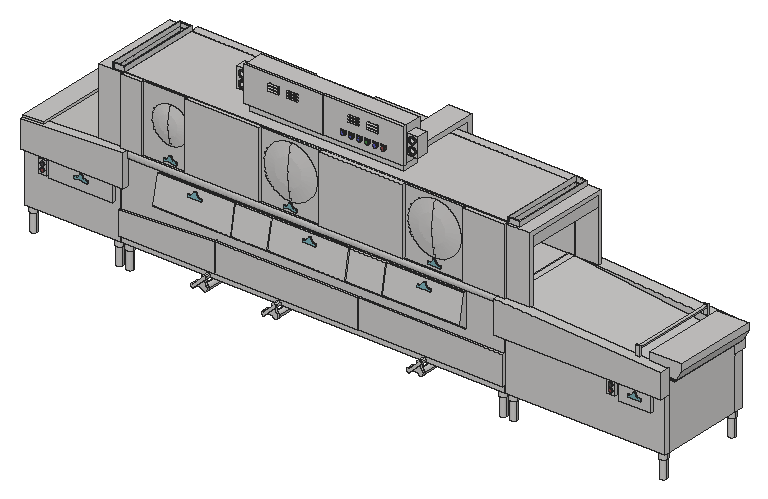
Revit family (continued)
Dimensions and locks (in)
  aligned and locked: plane 21 "Back of Main Body" to Extrusion 8 sketch curve
  aligned and locked: Extrusion 8 sketch curve to plane 33 "Back of Inside"
  aligned and locked: plane 35 to Extrusion 8 sketch curve
  aligned and locked: Extrusion 7 to plane 13 "Middle of Machine"
  aligned and locked: Extrusion 8 to plane 13 "Middle of Machine"
  aligned and locked: plane 32 "Front of Inside" to Extrusion 9 sketch curve
  aligned and locked: Extrusion 9 sketch curve to plane 27
  aligned and locked: plane 26 to Extrusion 9 sketch curve
  aligned and locked: plane 32 "Front of Inside" to Extrusion 10 sketch curve
  aligned and locked: plane 28 to Extrusion 10 sketch curve
  aligned and locked: Extrusion 10 sketch curve to plane 29
  aligned and locked: plane 32 "Front of Inside" to Extrusion 11 sketch curve
  aligned and locked: plane 30 to Extrusion 11 sketch curve
  aligned and locked: Extrusion 11 sketch curve to plane 31
  aligned and locked: Extrusion 9 to plane 13 "Middle of Machine"
  aligned and locked: Extrusion 10 to plane 13 "Middle of Machine"
  aligned and locked: Extrusion 11 to plane 13 "Middle of Machine"
  aligned and locked: plane 34 to Extrusion 12 sketch curve
  aligned and locked: Extrusion 12 sketch curve to plane 35
  aligned and locked: Extrusion 12 sketch curve to plane 33 "Back of Inside"
  aligned and locked: Extrusion 12 to plane 13 "Middle of Machine"
  aligned and locked: plane 40 to Extrusion 20
  aligned and locked: Extrusion 21 to plane 38
  aligned and locked: plane 39 to Extrusion 21
  aligned and locked: Extrusion 22 to plane 41
  aligned and locked: plane 3 "LEFT" to Extrusion 24 sketch curve
  aligned and locked: plane 20 to Extrusion 24 sketch curve
  aligned and locked: Extrusion 24 sketch curve to plane 42
  aligned and locked: Extrusion 25 sketch curve to plane 44
  aligned and locked: Extrusion 25 sketch curve to plane 19
  aligned and locked: plane 43 to Extrusion 25 sketch curve
  aligned and locked: plane 20 to Extrusion 25 sketch curve
  aligned and locked: Extrusion 26 sketch curve to plane 4 "RIGHT"
  aligned and locked: Extrusion 26 sketch curve to plane 19
  aligned and locked: plane 20 to Extrusion 26 sketch curve
  aligned and locked: plane 45 to Extrusion 26 sketch curve
  aligned and locked: plane 33 "Back of Inside" to Extrusion 27 sketch curve
  aligned and locked: plane 3 "LEFT" to Extrusion 27 sketch curve
  aligned and locked: Extrusion 27 sketch curve to plane 32 "Front of Inside"
  aligned and locked: Extrusion 27 sketch curve to plane 4 "RIGHT"
  aligned and locked: Extrusion 27 to plane 46
  aligned and locked: plane 13 "Middle of Machine" to Extrusion 28 sketch curve  (x2)
  aligned and locked: Extrusion 28 sketch curve to plane 10 "Top of Machine"
  aligned and locked: Extrusion 28 to plane 8 "Load Vent"
  aligned and locked: plane 49 to Extrusion 29 sketch curve
  aligned and locked: Extrusion 29 sketch curve to plane 48
  aligned and locked: plane 47 to Extrusion 29
  aligned and locked: Extrusion 30 sketch curve to Extrusion 28
  aligned and locked: Extrusion 30 sketch curve to plane 46
  aligned and locked: Extrusion 31 sketch curve to Extrusion 29
  aligned and locked: Extrusion 29 to Extrusion 31 sketch curve
  aligned and locked: Extrusion 32 to Extrusion 34 sketch curve
  aligned and locked: plane 9 "Unload Vent" to Extrusion 32
  aligned and locked: plane 50 to Extrusion 33 sketch curve
  aligned and locked: Extrusion 33 sketch curve to plane 51
  aligned and locked: plane 47 to Extrusion 33
  aligned and locked: plane 46 to Extrusion 34 sketch curve
  aligned and locked: Extrusion 33 to Extrusion 35 sketch curve
  aligned and locked: Extrusion 35 sketch curve to Extrusion 33
  aligned and locked: plane 15 "Right of Bottom" to Extrusion 2
  aligned and locked: plane 52 to Extrusion 44 sketch curve
  aligned and locked: Extrusion 44 sketch curve to plane 14 "Left of Bottom"
  aligned and locked: plane 52 to Extrusion 45 sketch curve
  aligned and locked: Extrusion 45 sketch curve to plane 14 "Left of Bottom"
  aligned and locked: Extrusion 46 sketch curve to plane 53
  aligned and locked: plane 11 "Table Height" to Extrusion 46 sketch curve
  aligned and locked: plane 52 to Extrusion 46 sketch curve
  aligned and locked: plane 32 "Front of Inside" to Extrusion 46
  aligned and locked: Extrusion 47 sketch curve to plane 54
  aligned and locked: plane 52 to Extrusion 47 sketch curve
  aligned and locked: Extrusion 48 sketch curve to plane 54
  aligned and locked: plane 52 to Extrusion 48 sketch curve
  aligned and locked: plane 52 to Extrusion 49 sketch curve
  aligned and locked: Extrusion 49 sketch curve to plane 14 "Left of Bottom"
  aligned and locked: Extrusion 49 sketch curve to plane 13 "Middle of Machine"
  aligned and locked: Extrusion 49 sketch curve to plane 12 "Bottom of Machine"
  aligned and locked: plane 3 "LEFT" to Extrusion 49 sketch curve
  aligned and locked: plane 52 to Extrusion 50 sketch curve
  aligned and locked: plane 55 to Extrusion 50 sketch curve
  aligned and locked: plane 52 to Extrusion 51 sketch curve
  aligned and locked: plane 12 "Bottom of Machine" to Extrusion 51 sketch curve
  aligned and locked: Extrusion 51 sketch curve to plane 3 "LEFT"
  aligned and locked: plane 22 "Front of Main Body" to Extrusion 51
  aligned and locked: plane 32 "Front of Inside" to Extrusion 49
  aligned and locked: plane 52 to Extrusion 52 sketch curve
  aligned and locked: plane 12 "Bottom of Machine" to Extrusion 52 sketch curve
  aligned and locked: Extrusion 52 sketch curve to plane 3 "LEFT"
  aligned and locked: Extrusion 52 to plane 21 "Back of Main Body"
  aligned and locked: plane 56 to Extrusion 44 sketch curve
  aligned and locked: plane 56 to Extrusion 45 sketch curve
  aligned and locked: Extrusion 51 sketch curve to plane 56
  aligned and locked: Extrusion 52 sketch curve to plane 56
  aligned and locked: Extrusion 53 to plane 22 "Front of Main Body"
  aligned and locked: plane 62 to Extrusion 55 sketch curve
  aligned and locked: Extrusion 55 sketch curve to plane 61
  aligned and locked: Extrusion 53 to plane 59
  aligned and locked: plane 60 to Extrusion 53
  aligned and locked: plane 13 "Middle of Machine" to Extrusion 62 sketch curve
  aligned and locked: Extrusion 62 sketch curve to plane 15 "Right of Bottom"
  aligned and locked: Extrusion 62 sketch curve to plane 56
  aligned and locked: plane 4 "RIGHT" to Extrusion 62 sketch curve
  aligned and locked: plane 12 "Bottom of Machine" to Extrusion 62 sketch curve
  aligned and locked: plane 63 to Extrusion 62 sketch curve
  aligned and locked: plane 63 to Extrusion 61 sketch curve
  aligned and locked: Extrusion 61 sketch curve to plane 64
  aligned and locked: Extrusion 60 sketch curve to plane 65
  aligned and locked: plane 63 to Extrusion 60 sketch curve
  aligned and locked: Extrusion 60 sketch curve to plane 11 "Table Height"
  aligned and locked: Extrusion 58 sketch curve to plane 15 "Right of Bottom"
  aligned and locked: Extrusion 58 sketch curve to plane 56
  aligned and locked: plane 63 to Extrusion 58 sketch curve
  aligned and locked: Extrusion 59 sketch curve to plane 15 "Right of Bottom"
  aligned and locked: Extrusion 59 sketch curve to plane 56
  aligned and locked: plane 63 to Extrusion 59 sketch curve
  aligned and locked: Extrusion 63 sketch curve to plane 4 "RIGHT"
  aligned and locked: plane 56 to Extrusion 63 sketch curve
  aligned and locked: Extrusion 63 sketch curve to plane 12 "Bottom of Machine"
  aligned and locked: plane 63 to Extrusion 63 sketch curve
  aligned and locked: Extrusion 64 sketch curve to plane 4 "RIGHT"
  aligned and locked: plane 56 to Extrusion 64 sketch curve
  aligned and locked: plane 63 to Extrusion 64 sketch curve
  aligned and locked: Extrusion 64 sketch curve to plane 12 "Bottom of Machine"
  aligned and locked: plane 13 "Middle of Machine" to Extrusion 65 sketch curve
  aligned and locked: Extrusion 65 sketch curve to plane 67
  aligned and locked: Extrusion 65 sketch curve to plane 66
  aligned and locked: plane 32 "Front of Inside" to Extrusion 65
  aligned and locked: plane 32 "Front of Inside" to Extrusion 68
  aligned and locked: Extrusion 69 sketch curve to plane 57
  aligned and locked: plane 58 to Extrusion 69 sketch curve
  aligned and locked: plane 70 to Extrusion 69 sketch curve
  aligned and locked: Extrusion 69 sketch curve to plane 69
  aligned and locked: plane 72 to Extrusion 71 sketch curve
  aligned and locked: Extrusion 71 sketch curve to plane 71
  aligned and locked: Extrusion 71 sketch curve to plane 57
  aligned and locked: Extrusion 75 to Extrusion 74
  aligned and locked: plane 12 "Bottom of Machine" to Extrusion 75
  aligned and locked: Extrusion 77 to Extrusion 76
  aligned and locked: Extrusion 79 to Extrusion 78
  aligned and locked: Extrusion 81 to Extrusion 80
  aligned and locked: Extrusion 82 to Extrusion 83
  aligned and locked: Extrusion 84 to Extrusion 85
  aligned and locked: Extrusion 87 to Extrusion 86
  aligned and locked: Extrusion 89 to Extrusion 88
  aligned and locked: Extrusion 90 to Extrusion 91
  aligned and locked: Extrusion 92 to Extrusion 93
  aligned and locked: Extrusion 95 to Extrusion 94
  aligned and locked: Extrusion 97 to Extrusion 96
  aligned and locked: plane 74 to Extrusion 98 sketch curve
  aligned and locked: Extrusion 98 sketch curve to plane 73
  aligned and locked: Extrusion 98 sketch curve to plane 76
  aligned and locked: plane 75 to Extrusion 98 sketch curve
  aligned and locked: plane 88 "Back of Elec Box" to Extrusion 99 sketch curve
  aligned and locked: Extrusion 99 sketch curve to plane 89
  aligned and locked: plane 93 to Extrusion 99 sketch curve
  aligned and locked: Extrusion 99 sketch curve to plane 94 "Right of Control Box"
  aligned and locked: Extrusion 99 to plane 77
  aligned and locked: plane 92 to Extrusion 99
  aligned and locked: plane 84 to Extrusion 100 sketch curve
  aligned and locked: Extrusion 100 sketch curve to plane 90 "Front of Panel"
  aligned and locked: Extrusion 100 sketch curve to plane 82
  aligned and locked: plane 83 to Extrusion 101 sketch curve
  aligned and locked: Extrusion 101 sketch curve to plane 90 "Front of Panel"
  aligned and locked: plane 89 to Extrusion 101 sketch curve
  aligned and locked: Extrusion 101 sketch curve to plane 85
  aligned and locked: Extrusion 101 to plane 91
  aligned and locked: Extrusion 100 to plane 91
  aligned and locked: plane 80 to Extrusion 100
  aligned and locked: plane 80 to Extrusion 101
  aligned and locked: plane 96 to Extrusion 102 sketch curve
  aligned and locked: Extrusion 102 sketch curve to plane 93
  aligned and locked: Extrusion 102 sketch curve to plane 95 "Front of LR Panels"
  aligned and locked: plane 87 to Extrusion 102 sketch curve
  aligned and locked: plane 94 "Right of Control Box" to Extrusion 103 sketch curve
  aligned and locked: Extrusion 103 sketch curve to plane 95 "Front of LR Panels"
  aligned and locked: Extrusion 103 sketch curve to plane 86
  aligned and locked: plane 96 to Extrusion 103 sketch curve
  aligned and locked: plane 79 to Extrusion 102
  aligned and locked: plane 79 to Extrusion 103
  aligned and locked: Extrusion 102 to plane 78
  aligned and locked: Extrusion 103 to plane 78
  aligned and locked: Extrusion 105 sketch curve to Extrusion 104  (x2)
  aligned and locked: Extrusion 113 sketch curve to Extrusion 112  (x2)
  aligned and locked: Extrusion 115 sketch curve to Extrusion 114  (x2)
  aligned and locked: Extrusion 117 sketch curve to Extrusion 116  (x2)
  aligned and locked: Extrusion 132 to plane 98 "Left Drain"
  aligned and locked: plane 99 "Right Drain" to Extrusion 132
  aligned and locked: Extrusion 133 sketch curve to Extrusion 132  (x2)
  aligned and locked: Extrusion 134 sketch curve to Extrusion 132  (x2)
  aligned and locked: plane 51 to nested 1
  aligned and locked: plane 33 "Back of Inside" to nested 1
  aligned and locked: Extrusion 148 sketch curve to Extrusion 147  (x2)
  aligned and locked: Extrusion 156 sketch curve to Extrusion 155  (x2)
  aligned and locked: Extrusion 158 sketch curve to Extrusion 157  (x2)
  aligned and locked: Extrusion 160 sketch curve to Extrusion 159  (x2)
  aligned and locked: plane 106 to Extrusion 184 sketch curve
  aligned and locked: Extrusion 184 sketch curve to plane 107
  aligned and locked: Extrusion 184 sketch curve to plane 22 "Front of Main Body"
  aligned and locked: plane 109 to Extrusion 185 sketch curve
  aligned and locked: Extrusion 185 sketch curve to plane 110
  aligned and locked: Extrusion 185 sketch curve to plane 22 "Front of Main Body"
  aligned and locked: plane 111 to Extrusion 186 sketch curve
  aligned and locked: Extrusion 186 sketch curve to plane 112
  aligned and locked: Extrusion 186 sketch curve to plane 22 "Front of Main Body"
  aligned and locked: plane 115 to Extrusion 187 sketch curve
  aligned and locked: Extrusion 187 sketch curve to plane 116
  aligned and locked: Extrusion 187 sketch curve to plane 22 "Front of Main Body"
  aligned and locked: plane 117 to Extrusion 188 sketch curve
  aligned and locked: Extrusion 188 sketch curve to plane 118
  aligned and locked: Extrusion 188 sketch curve to plane 22 "Front of Main Body"
  aligned and locked: Extrusion 184 to plane 13 "Middle of Machine"
  aligned and locked: Extrusion 185 to plane 13 "Middle of Machine"
  aligned and locked: Extrusion 186 to plane 13 "Middle of Machine"
  aligned and locked: Extrusion 187 to plane 13 "Middle of Machine"
  aligned and locked: Extrusion 188 to plane 13 "Middle of Machine"
  aligned and locked: plane 26 to curve 87
  aligned and locked: curve 89 to plane 28
  aligned and locked: curve 97 to plane 29
  aligned and locked: plane 30 to curve 105
  aligned and locked: plane 31 to curve 107
  aligned and locked: plane 26 to Extrusion 204 sketch curve
  aligned and locked: Extrusion 204 sketch curve to plane 27
  aligned and locked: Extrusion 204 sketch curve to plane 22 "Front of Main Body"
  aligned and locked: plane 28 to Extrusion 205 sketch curve
  aligned and locked: Extrusion 205 sketch curve to plane 29
  aligned and locked: Extrusion 205 sketch curve to plane 22 "Front of Main Body"
  aligned and locked: Extrusion 206 sketch curve to plane 22 "Front of Main Body"
  aligned and locked: plane 30 to Extrusion 206 sketch curve
  aligned and locked: Extrusion 206 sketch curve to plane 31
  aligned and locked: Extrusion 19 to plane 36
  aligned and locked: plane 37 to Extrusion 19
  aligned and locked: Extrusion 20 to plane 123
  aligned and locked: plane 123 to curve 46
  aligned and locked: plane 126 to Extrusion 23
  aligned and locked: plane 124 to curve 37
  aligned and locked: curve 38 to plane 125
  aligned and locked: curve 35 to plane 126
Automatic sketch dimensions
  Extrusion 19 sketch curve to Extrusion 19 sketch curve = 0' - 1"
  Extrusion 20 sketch curve to Extrusion 20 sketch curve = 0' - 1"
  Extrusion 21 sketch curve to Extrusion 21 sketch curve = 0' - 1"
  Extrusion 22 sketch curve to Extrusion 22 sketch curve = 0' - 1"
  Extrusion 23 sketch curve to Extrusion 23 sketch curve = 0' - 1"
  Extrusion 19 sketch curve to Extrusion 19 sketch curve = 0' - 2"
  Extrusion 19 sketch curve to Extrusion 19 sketch curve = 0' - 2 5/16"
  Extrusion 19 sketch curve to Extrusion 19 sketch curve = 0' - 10 1/4"
  Extrusion 20 sketch curve to Extrusion 20 sketch curve = 0' - 2"
  Extrusion 20 sketch curve to Extrusion 20 sketch curve = 0' - 2 5/16"
  Extrusion 20 sketch curve to Extrusion 20 sketch curve = 0' - 10 1/4"
  Extrusion 21 sketch curve to Extrusion 21 sketch curve = 0' - 2"
  Extrusion 21 sketch curve to Extrusion 21 sketch curve = 0' - 2 5/16"
  Extrusion 21 sketch curve to Extrusion 21 sketch curve = 0' - 10 1/4"
  Extrusion 22 sketch curve to Extrusion 22 sketch curve = 0' - 2"
  Extrusion 22 sketch curve to Extrusion 22 sketch curve = 0' - 2 5/16"
  Extrusion 22 sketch curve to Extrusion 22 sketch curve = 0' - 10 1/4"
  Extrusion 23 sketch curve to Extrusion 23 sketch curve = 0' - 2"
  Extrusion 23 sketch curve to Extrusion 23 sketch curve = 0' - 2 5/16"
  Extrusion 23 sketch curve to Extrusion 23 sketch curve = 0' - 10 1/4"
  Extrusion 38 sketch curve to Extrusion 38 sketch curve = 0' - 1"
  Extrusion 39 sketch curve to Extrusion 39 sketch curve = 0' - 1"
  Extrusion 40 sketch curve to Extrusion 40 sketch curve = 0' - 1"
  Extrusion 41 sketch curve to Extrusion 41 sketch curve = 0' - 1"
  Extrusion 42 sketch curve to Extrusion 42 sketch curve = 0' - 1"
  Extrusion 38 sketch curve to Extrusion 38 sketch curve = 0' - 2"
  Extrusion 38 sketch curve to Extrusion 38 sketch curve = 0' - 2 5/16"
  Extrusion 38 sketch curve to Extrusion 38 sketch curve = 0' - 10 1/4"
  Extrusion 39 sketch curve to Extrusion 39 sketch curve = 0' - 2"
  Extrusion 39 sketch curve to Extrusion 39 sketch curve = 0' - 2 5/16"
  Extrusion 39 sketch curve to Extrusion 39 sketch curve = 0' - 10 1/4"
  Extrusion 40 sketch curve to Extrusion 40 sketch curve = 0' - 2"
  Extrusion 40 sketch curve to Extrusion 40 sketch curve = 0' - 2 5/16"
  Extrusion 40 sketch curve to Extrusion 40 sketch curve = 0' - 10 1/4"
  Extrusion 41 sketch curve to Extrusion 41 sketch curve = 0' - 2"
  Extrusion 41 sketch curve to Extrusion 41 sketch curve = 0' - 2 5/16"
  Extrusion 41 sketch curve to Extrusion 41 sketch curve = 0' - 10 1/4"
  Extrusion 42 sketch curve to Extrusion 42 sketch curve = 0' - 2"
  Extrusion 42 sketch curve to Extrusion 42 sketch curve = 0' - 2 5/16"
  Extrusion 42 sketch curve to Extrusion 42 sketch curve = 0' - 10 1/4"
  Extrusion 104 sketch curve to Extrusion 104 sketch curve = 0' - 0"  (x4)
  Extrusion 106 sketch curve to Extrusion 106 sketch curve = 0' - 1"  (x5)
  Extrusion 106 sketch curve to Extrusion 106 sketch curve = 0' - 2"  (x6)
  Extrusion 106 sketch curve to Extrusion 106 sketch curve = 0' - 0"  (x5)
  Extrusion 106 sketch curve to Extrusion 106 sketch curve = 0' - 0 1/4"  (x6)
  Extrusion 111 sketch curve to Extrusion 111 sketch curve = 0' - 1 1/2"  (x5)
  Extrusion 111 sketch curve to Extrusion 111 sketch curve = 0' - 0 3/4"  (x6)
  Extrusion 111 sketch curve to Extrusion 111 sketch curve = 0' - 0 7/8"  (x6)
  Extrusion 112 sketch curve to Extrusion 112 sketch curve = 0' - 0"  (x4)
  Extrusion 114 sketch curve to Extrusion 114 sketch curve = 0' - 0"  (x4)
  Extrusion 116 sketch curve to Extrusion 116 sketch curve = 0' - 0"  (x4)
  Extrusion 120 sketch curve to Extrusion 120 sketch curve = 0' - 0 5/8"
  Extrusion 121 sketch curve to Extrusion 121 sketch curve = 0' - 0 5/8"
  Extrusion 122 sketch curve to Extrusion 122 sketch curve = 0' - 0 5/8"
  Extrusion 123 sketch curve to Extrusion 123 sketch curve = 0' - 0 5/8"
  Extrusion 124 sketch curve to Extrusion 124 sketch curve = 0' - 0 5/8"
  Extrusion 125 sketch curve to Extrusion 125 sketch curve = 0' - 0 5/8"
  Extrusion 126 sketch curve to Extrusion 126 sketch curve = 0' - 0 5/8"
  Extrusion 127 sketch curve to Extrusion 127 sketch curve = 0' - 0 5/8"
  Extrusion 128 sketch curve to Extrusion 128 sketch curve = 0' - 0 5/8"
  Extrusion 129 sketch curve to Extrusion 129 sketch curve = 0' - 0 5/8"
  Extrusion 130 sketch curve to Extrusion 130 sketch curve = 0' - 0 5/8"
  Extrusion 131 sketch curve to Extrusion 131 sketch curve = 0' - 0 5/8"
  Extrusion 138 sketch curve to Extrusion 138 sketch curve = 0' - 0"  (x4)
  Extrusion 139 sketch curve to Extrusion 139 sketch curve = 0' - 0"  (x4)
  Extrusion 140 sketch curve to Extrusion 140 sketch curve = 0' - 1 5/8"  (x2)
  Extrusion 140 sketch curve to Extrusion 140 sketch curve = 0' - 1 1/8"
  Extrusion 141 sketch curve to Extrusion 141 sketch curve = 0' - 0 1/2"  (x7)
  Extrusion 141 sketch curve to Extrusion 141 sketch curve = 0' - 0 1/4"  (x4)
  Extrusion 141 sketch curve to Extrusion 141 sketch curve = 0' - 4 1/2"
  Extrusion 142 sketch curve to Extrusion 142 sketch curve = 0' - 1 5/8"  (x2)
  Extrusion 142 sketch curve to Extrusion 142 sketch curve = 0' - 1 1/8"
  Extrusion 143 sketch curve to Extrusion 143 sketch curve = 0' - 0"  (x4)
  Extrusion 144 sketch curve to Extrusion 144 sketch curve = 0' - 0 1/2"  (x7)
  Extrusion 144 sketch curve to Extrusion 144 sketch curve = 0' - 0 1/4"  (x4)
  Extrusion 144 sketch curve to Extrusion 144 sketch curve = 0' - 4 1/2"
  Extrusion 145 sketch curve to Extrusion 145 sketch curve = 0' - 1 5/8"  (x2)
  Extrusion 145 sketch curve to Extrusion 145 sketch curve = 0' - 1 1/8"
  Extrusion 146 sketch curve to Extrusion 146 sketch curve = 0' - 0 1/2"  (x9)
  Extrusion 146 sketch curve to Extrusion 146 sketch curve = 0' - 0 1/4"  (x2)
  Extrusion 146 sketch curve to Extrusion 146 sketch curve = 0' - 4 1/2"
  Extrusion 111 sketch curve to Extrusion 111 sketch curve = 0' - 0"  (x5)
  Extrusion 120 sketch curve to Extrusion 120 sketch curve = 0' - 2 3/4"
  Extrusion 121 sketch curve to Extrusion 121 sketch curve = 0' - 2 3/4"
  Extrusion 122 sketch curve to Extrusion 122 sketch curve = 0' - 2 3/4"
  Extrusion 123 sketch curve to Extrusion 123 sketch curve = 0' - 2 3/4"
  Extrusion 124 sketch curve to Extrusion 124 sketch curve = 0' - 2 3/4"
  Extrusion 125 sketch curve to Extrusion 125 sketch curve = 0' - 2 3/4"
  Extrusion 126 sketch curve to Extrusion 126 sketch curve = 0' - 2 3/4"
  Extrusion 127 sketch curve to Extrusion 127 sketch curve = 0' - 2 3/4"
  Extrusion 128 sketch curve to Extrusion 128 sketch curve = 0' - 2 3/4"
  Extrusion 129 sketch curve to Extrusion 129 sketch curve = 0' - 2 3/4"
  Extrusion 130 sketch curve to Extrusion 130 sketch curve = 0' - 2 3/4"
  Extrusion 131 sketch curve to Extrusion 131 sketch curve = 0' - 2 3/4"
  Extrusion 147 sketch curve to Extrusion 147 sketch curve = 0' - 0"  (x4)
  Extrusion 149 sketch curve to Extrusion 149 sketch curve = 0' - 1"  (x5)
  Extrusion 149 sketch curve to Extrusion 149 sketch curve = 0' - 2"  (x6)
  Extrusion 149 sketch curve to Extrusion 149 sketch curve = 0' - 0"  (x5)
  Extrusion 149 sketch curve to Extrusion 149 sketch curve = 0' - 0 1/4"  (x6)
  Extrusion 154 sketch curve to Extrusion 154 sketch curve = 0' - 1 1/2"  (x5)
  Extrusion 154 sketch curve to Extrusion 154 sketch curve = 0' - 0 3/4"  (x6)
  Extrusion 154 sketch curve to Extrusion 154 sketch curve = 0' - 0 7/8"  (x6)
  Extrusion 155 sketch curve to Extrusion 155 sketch curve = 0' - 0"  (x4)
  Extrusion 157 sketch curve to Extrusion 157 sketch curve = 0' - 0"  (x4)
  Extrusion 159 sketch curve to Extrusion 159 sketch curve = 0' - 0"  (x4)
  Extrusion 163 sketch curve to Extrusion 163 sketch curve = 0' - 0 5/8"
  Extrusion 164 sketch curve to Extrusion 164 sketch curve = 0' - 0 5/8"
  Extrusion 165 sketch curve to Extrusion 165 sketch curve = 0' - 0 5/8"
  Extrusion 166 sketch curve to Extrusion 166 sketch curve = 0' - 0 5/8"
  Extrusion 167 sketch curve to Extrusion 167 sketch curve = 0' - 0 5/8"
  Extrusion 168 sketch curve to Extrusion 168 sketch curve = 0' - 0 5/8"
  Extrusion 169 sketch curve to Extrusion 169 sketch curve = 0' - 0 5/8"
  Extrusion 170 sketch curve to Extrusion 170 sketch curve = 0' - 0 5/8"
  Extrusion 171 sketch curve to Extrusion 171 sketch curve = 0' - 0 5/8"
  Extrusion 172 sketch curve to Extrusion 172 sketch curve = 0' - 0 5/8"
  Extrusion 173 sketch curve to Extrusion 173 sketch curve = 0' - 0 5/8"
  Extrusion 174 sketch curve to Extrusion 174 sketch curve = 0' - 0 5/8"
  Extrusion 154 sketch curve to Extrusion 154 sketch curve = 0' - 0"  (x5)
  Extrusion 163 sketch curve to Extrusion 163 sketch curve = 0' - 2 3/4"
  Extrusion 164 sketch curve to Extrusion 164 sketch curve = 0' - 2 3/4"
  Extrusion 165 sketch curve to Extrusion 165 sketch curve = 0' - 2 3/4"
  Extrusion 166 sketch curve to Extrusion 166 sketch curve = 0' - 2 3/4"
  Extrusion 167 sketch curve to Extrusion 167 sketch curve = 0' - 2 3/4"
  Extrusion 168 sketch curve to Extrusion 168 sketch curve = 0' - 2 3/4"
  Extrusion 169 sketch curve to Extrusion 169 sketch curve = 0' - 2 3/4"
  Extrusion 170 sketch curve to Extrusion 170 sketch curve = 0' - 2 3/4"
  Extrusion 171 sketch curve to Extrusion 171 sketch curve = 0' - 2 3/4"
  Extrusion 172 sketch curve to Extrusion 172 sketch curve = 0' - 2 3/4"
  Extrusion 173 sketch curve to Extrusion 173 sketch curve = 0' - 2 3/4"
  Extrusion 174 sketch curve to Extrusion 174 sketch curve = 0' - 2 3/4"
  Extrusion 140 sketch curve to Extrusion 140 sketch curve = 0' - 0.12054"
  Extrusion 142 sketch curve to Extrusion 142 sketch curve = 0' - 0.12054"
  Extrusion 145 sketch curve to Extrusion 145 sketch curve = 0' - 0.12054"
  Extrusion 175 sketch curve to Extrusion 175 sketch curve = 0' - 0"  (x4)
  Extrusion 176 sketch curve to Extrusion 176 sketch curve = 0' - 0"  (x4)
  Extrusion 177 sketch curve to Extrusion 177 sketch curve = 0' - 1 5/8"  (x2)
  Extrusion 177 sketch curve to Extrusion 177 sketch curve = 0' - 1 1/8"
  Extrusion 178 sketch curve to Extrusion 178 sketch curve = 0' - 0 1/2"  (x7)
  Extrusion 178 sketch curve to Extrusion 178 sketch curve = 0' - 0 1/4"  (x4)
  Extrusion 178 sketch curve to Extrusion 178 sketch curve = 0' - 4 1/2"
  Extrusion 179 sketch curve to Extrusion 179 sketch curve = 0' - 1 5/8"  (x2)
  Extrusion 179 sketch curve to Extrusion 179 sketch curve = 0' - 1 1/8"
  Extrusion 180 sketch curve to Extrusion 180 sketch curve = 0' - 0"  (x4)
  Extrusion 181 sketch curve to Extrusion 181 sketch curve = 0' - 0 1/2"  (x7)
  Extrusion 181 sketch curve to Extrusion 181 sketch curve = 0' - 0 1/4"  (x4)
  Extrusion 181 sketch curve to Extrusion 181 sketch curve = 0' - 4 1/2"
  Extrusion 182 sketch curve to Extrusion 182 sketch curve = 0' - 1 5/8"  (x2)
  Extrusion 182 sketch curve to Extrusion 182 sketch curve = 0' - 1 1/8"
  Extrusion 183 sketch curve to Extrusion 183 sketch curve = 0' - 0 1/2"  (x9)
  Extrusion 183 sketch curve to Extrusion 183 sketch curve = 0' - 0 1/4"  (x2)
  Extrusion 183 sketch curve to Extrusion 183 sketch curve = 0' - 4 1/2"
  Extrusion 177 sketch curve to Extrusion 177 sketch curve = 0' - 0.12054"
  Extrusion 179 sketch curve to Extrusion 179 sketch curve = 0' - 0.12054"
  Extrusion 182 sketch curve to Extrusion 182 sketch curve = 0' - 0.12054"
  Extrusion 37 sketch curve to Extrusion 37 sketch curve = 0' - 0.25142"  (x5)
  Extrusion 37 sketch curve to Extrusion 37 sketch curve = 0' - 0.25483"  (x4)
  Extrusion 37 sketch curve to Extrusion 37 sketch curve = 0' - 0.30345"  (x3)
  Extrusion 37 sketch curve to Extrusion 37 sketch curve = 0' - 1.63184"  (x6)
  Extrusion 37 sketch curve to Extrusion 37 sketch curve = 0' - 1.52338"  (x3)
  Extrusion 37 sketch curve to Extrusion 37 sketch curve = 0' - 0.41934"  (x3)
  Extrusion 37 sketch curve to Extrusion 37 sketch curve = 0' - 0.42496"  (x3)
  Extrusion 37 sketch curve to Extrusion 37 sketch curve = 0' - 0"  (x8)
  Extrusion 37 sketch curve to Extrusion 37 sketch curve = 0' - 1.22253"  (x3)
  Extrusion 37 sketch curve to Extrusion 37 sketch curve = 0' - 1.51845"  (x3)
  Extrusion 37 sketch curve to Extrusion 37 sketch curve = 0' - 0.00341"  (x3)
  Extrusion 37 sketch curve to Extrusion 37 sketch curve = 3' - 2.01495"
  Extrusion 37 sketch curve to Extrusion 37 sketch curve = 0' - 0.61126"  (x3)
  Extrusion 37 sketch curve to Extrusion 37 sketch curve = 3' - 1.99333"
  Extrusion 37 sketch curve to Extrusion 37 sketch curve = 0' - 11.90119"  (x3)
  Extrusion 37 sketch curve to Extrusion 37 sketch curve = 0' - 0.08323"  (x3)
  Extrusion 37 sketch curve to Extrusion 37 sketch curve = 0' - 0.48493"  (x6)
  Extrusion 37 sketch curve to Extrusion 37 sketch curve = 0' - 1.96861"  (x3)
  Extrusion 43 sketch curve to Extrusion 43 sketch curve = 0' - 0.25142"  (x5)
  Extrusion 43 sketch curve to Extrusion 43 sketch curve = 0' - 0.25483"  (x4)
  Extrusion 43 sketch curve to Extrusion 43 sketch curve = 0' - 0.30345"  (x3)
  Extrusion 43 sketch curve to Extrusion 43 sketch curve = 0' - 1.63184"  (x6)
  Extrusion 43 sketch curve to Extrusion 43 sketch curve = 0' - 1.52338"  (x3)
  Extrusion 43 sketch curve to Extrusion 43 sketch curve = 0' - 0.41934"  (x3)
  Extrusion 43 sketch curve to Extrusion 43 sketch curve = 0' - 0.42496"  (x3)
  Extrusion 43 sketch curve to Extrusion 43 sketch curve = 0' - 0"  (x8)
  Extrusion 43 sketch curve to Extrusion 43 sketch curve = 0' - 1.22253"  (x3)
  Extrusion 43 sketch curve to Extrusion 43 sketch curve = 0' - 1.51845"  (x3)
  Extrusion 43 sketch curve to Extrusion 43 sketch curve = 0' - 0.00341"  (x3)
  Extrusion 43 sketch curve to Extrusion 43 sketch curve = 3' - 2.01495"
  Extrusion 43 sketch curve to Extrusion 43 sketch curve = 0' - 0.61126"  (x3)
  Extrusion 43 sketch curve to Extrusion 43 sketch curve = 3' - 1.99333"
  Extrusion 43 sketch curve to Extrusion 43 sketch curve = 0' - 11.90119"  (x3)
  Extrusion 43 sketch curve to Extrusion 43 sketch curve = 0' - 0.08323"  (x3)
  Extrusion 43 sketch curve to Extrusion 43 sketch curve = 0' - 0.48493"  (x6)
  Extrusion 43 sketch curve to Extrusion 43 sketch curve = 0' - 1.96861"  (x3)
  Extrusion 1 sketch curve to plane 56 = 0' - 0"  (x2)
  Extrusion 2 sketch curve to plane 22 "Front of Main Body" = 0' - 0"  (x2)
  plane 32 "Front of Inside" to Extrusion 2 sketch curve = 0' - 0.18875"
  Extrusion 9 sketch curve to plane 22 "Front of Main Body" = 0' - 0 3/4"
  Extrusion 10 sketch curve to plane 22 "Front of Main Body" = 0' - 0 3/4"
  Extrusion 11 sketch curve to plane 22 "Front of Main Body" = 0' - 0 3/4"
  plane 21 "Back of Main Body" to Extrusion 12 sketch curve = 0' - 1"
  plane 5 "FRONT" to Revolve 13 sketch curve = 0' - 8"
  plane 22 "Front of Main Body" to Revolve 13 sketch curve = 0' - 0 1/4"
  Revolve 13 sketch curve to plane 22 "Front of Main Body" = 0' - 0 3/4"
  plane 96 to Revolve 13 sketch curve = 0' - 1 1/4"
  Revolve 13 sketch curve to plane 1 "BACK" = 0' - 8.74935"
  Revolve 13 sketch curve to plane 46 = 0' - 5.75174"  (x2)
  Revolve 13 sketch curve to plane 46 = 0' - 5.50167"
  plane 5 "FRONT" to Revolve 14 sketch curve = 0' - 8"
  plane 22 "Front of Main Body" to Revolve 14 sketch curve = 0' - 0 1/4"
  Revolve 14 sketch curve to plane 22 "Front of Main Body" = 0' - 0 3/4"
  plane 96 to Revolve 14 sketch curve = 0' - 1 1/4"
  Revolve 14 sketch curve to plane 1 "BACK" = 0' - 8.74935"
  Revolve 14 sketch curve to plane 46 = 0' - 5.75174"  (x2)
  Revolve 14 sketch curve to plane 46 = 0' - 5.50167"
  Extrusion 15 sketch curve to plane 25 = 0' - 0"
  plane 25 to Extrusion 15 sketch curve = 0' - 0.00035"
  plane 117 to Extrusion 15 sketch curve = 0' - 0.35719"
  plane 117 to Extrusion 15 sketch curve = 0' - 0.54876"
  plane 119 to Extrusion 15 sketch curve = 0' - 0.50556"
  plane 119 to Extrusion 15 sketch curve = 0' - 0.8056"
  Extrusion 15 sketch curve to Extrusion 15 sketch curve = 0' - 0.00341"  (x2)
  Extrusion 15 sketch curve to Extrusion 15 sketch curve = 0' - 0.25142"  (x2)
  Extrusion 15 sketch curve to plane 116 = 0' - 0.36211"
  Extrusion 15 sketch curve to Extrusion 15 sketch curve = 0' - 0"
  Extrusion 15 sketch curve to plane 116 = 0' - 0.54876"
  Extrusion 15 sketch curve to plane 120 = 0' - 0.50556"
  Extrusion 15 sketch curve to plane 120 = 0' - 0.8056"
  plane 56 to Extrusion 15 sketch curve = 0' - 1.17016"
  plane 13 "Middle of Machine" to Extrusion 15 sketch curve = 0' - 0.94635"  (x2)
  plane 13 "Middle of Machine" to Extrusion 15 sketch curve = 0' - 1.02958"
  Extrusion 15 sketch curve to Extrusion 15 sketch curve = 0' - 0.48493"  (x2)
  Extrusion 15 sketch curve to Extrusion 15 sketch curve = 0' - 1.96861"
  Extrusion 16 sketch curve to plane 23 = 0' - 0"
  plane 23 to Extrusion 16 sketch curve = 0' - 0.00035"
  plane 23 to Extrusion 16 sketch curve = 0' - 0.41969"
  plane 23 to Extrusion 16 sketch curve = 0' - 0.61126"
  Extrusion 16 sketch curve to Extrusion 16 sketch curve = 0' - 1.52338"
  plane 13 "Middle of Machine" to Extrusion 16 sketch curve = 0' - 0.94635"  (x2)
  Extrusion 16 sketch curve to Extrusion 16 sketch curve = 0' - 1.63184"
  Extrusion 16 sketch curve to Extrusion 16 sketch curve = 0' - 0.00341"  (x2)
  Extrusion 16 sketch curve to Extrusion 16 sketch curve = 0' - 0.25142"  (x2)
  Extrusion 16 sketch curve to plane 23 = 0' - 0.42461"
  Extrusion 16 sketch curve to Extrusion 16 sketch curve = 0' - 0"
  Extrusion 16 sketch curve to plane 23 = 0' - 0.61126"
  plane 36 to Extrusion 16 sketch curve = 0' - 1.55694"
  plane 36 to Extrusion 16 sketch curve = 0' - 1.2569"
  plane 56 to Extrusion 16 sketch curve = 0' - 1.17016"
  plane 13 "Middle of Machine" to Extrusion 16 sketch curve = 0' - 1.02958"
  Extrusion 16 sketch curve to Extrusion 16 sketch curve = 0' - 0.48493"  (x2)
  Extrusion 16 sketch curve to Extrusion 16 sketch curve = 0' - 1.96861"
  plane 5 "FRONT" to Revolve 17 sketch curve = 0' - 8"
  plane 22 "Front of Main Body" to Revolve 17 sketch curve = 0' - 0 1/4"
  Revolve 17 sketch curve to plane 22 "Front of Main Body" = 0' - 0 3/4"
  plane 96 to Revolve 17 sketch curve = 0' - 1 1/4"
  Revolve 17 sketch curve to plane 103 "Utility to Machine" = 0' - 3.49961"
  Revolve 17 sketch curve to plane 46 = 0' - 5.96392"
  Revolve 17 sketch curve to plane 46 = 0' - 5.82112"  (x2)
  Revolve 18 sketch curve to plane 21 "Back of Main Body" = 0' - 0"
  Revolve 18 sketch curve to plane 1 "BACK" = 0' - 7 3/4"
  Revolve 18 sketch curve to Revolve 18 sketch curve = 0' - 1"
  Revolve 18 sketch curve to plane 103 "Utility to Machine" = 0' - 4"
  plane 5 "FRONT" to Revolve 18 sketch curve = 0' - 8.99935"
  Revolve 18 sketch curve to plane 10 "Top of Machine" = 0' - 1.00174"
  Revolve 18 sketch curve to Revolve 18 sketch curve = 0' - 9.74993"
  Revolve 18 sketch curve to plane 46 = 0' - 5.75174"
  Extrusion 24 sketch curve to plane 19 = 0' - 0"
  Extrusion 24 sketch curve to plane 58 = 0' - 1 5/8"
  Extrusion 28 sketch curve to plane 32 "Front of Inside" = 0' - 0"
  Extrusion 28 sketch curve to plane 33 "Back of Inside" = 0' - 0"
  Extrusion 28 sketch curve to plane 22 "Front of Main Body" = 0' - 0 3/4"
  Extrusion 28 sketch curve to Extrusion 28 sketch curve = 0' - 1"
  Extrusion 28 sketch curve to plane 10 "Top of Machine" = 0' - 1 3/8"
  Extrusion 29 sketch curve to plane 3 "LEFT" = 0' - 0"
  plane 32 "Front of Inside" to Extrusion 29 sketch curve = 0' - 0"
  plane 33 "Back of Inside" to Extrusion 29 sketch curve = 0' - 0"
  plane 32 "Front of Inside" to Extrusion 29 sketch curve = 0' - 0 1/8"
  Extrusion 29 sketch curve to plane 33 "Back of Inside" = 0' - 0 1/8"
  Extrusion 29 sketch curve to plane 49 = 0' - 0 1/8"
  Extrusion 30 sketch curve to plane 32 "Front of Inside" = 0' - 0"
  Extrusion 30 sketch curve to plane 33 "Back of Inside" = 0' - 0"
  plane 32 "Front of Inside" to Extrusion 31 sketch curve = 0' - 0"
  plane 33 "Back of Inside" to Extrusion 31 sketch curve = 0' - 0"
  Extrusion 32 sketch curve to plane 13 "Middle of Machine" = 0' - 0"  (x2)
  Extrusion 32 sketch curve to plane 10 "Top of Machine" = 0' - 0"
  Extrusion 32 sketch curve to plane 32 "Front of Inside" = 0' - 0"
  Extrusion 32 sketch curve to plane 33 "Back of Inside" = 0' - 0"
  Extrusion 32 sketch curve to plane 22 "Front of Main Body" = 0' - 0 3/4"
  Extrusion 32 sketch curve to plane 33 "Back of Inside" = 0' - 1"
  Extrusion 32 sketch curve to plane 10 "Top of Machine" = 0' - 1 3/8"
  Extrusion 33 sketch curve to plane 4 "RIGHT" = 0' - 0"
  plane 32 "Front of Inside" to Extrusion 33 sketch curve = 0' - 0"
  plane 33 "Back of Inside" to Extrusion 33 sketch curve = 0' - 0"
  Extrusion 33 sketch curve to plane 32 "Front of Inside" = 0' - 0 1/8"
  plane 33 "Back of Inside" to Extrusion 33 sketch curve = 0' - 0 1/8"
  Extrusion 33 sketch curve to plane 50 = 0' - 0 1/8"
  Extrusion 34 sketch curve to plane 32 "Front of Inside" = 0' - 0"
  Extrusion 34 sketch curve to plane 33 "Back of Inside" = 0' - 0"
  plane 32 "Front of Inside" to Extrusion 35 sketch curve = 0' - 0"
  plane 33 "Back of Inside" to Extrusion 35 sketch curve = 0' - 0"
  Extrusion 36 sketch curve to plane 24 = 0' - 0"
  plane 24 to Extrusion 36 sketch curve = 0' - 0.00035"
  plane 111 to Extrusion 36 sketch curve = 0' - 0.35719"
  plane 111 to Extrusion 36 sketch curve = 0' - 0.54876"
  plane 113 to Extrusion 36 sketch curve = 0' - 0.50556"
  plane 113 to Extrusion 36 sketch curve = 0' - 0.8056"
  Extrusion 36 sketch curve to Extrusion 36 sketch curve = 0' - 0.00341"  (x2)
  Extrusion 36 sketch curve to Extrusion 36 sketch curve = 0' - 0.25142"  (x2)
  Extrusion 36 sketch curve to plane 110 = 0' - 0.36211"
  Extrusion 36 sketch curve to Extrusion 36 sketch curve = 0' - 0"
  Extrusion 36 sketch curve to plane 110 = 0' - 0.54876"
  Extrusion 36 sketch curve to plane 114 = 0' - 0.50556"
  Extrusion 36 sketch curve to plane 114 = 0' - 0.8056"
  plane 56 to Extrusion 36 sketch curve = 0' - 1.17016"
  plane 13 "Middle of Machine" to Extrusion 36 sketch curve = 0' - 0.94635"  (x2)
  plane 13 "Middle of Machine" to Extrusion 36 sketch curve = 0' - 1.02958"
  Extrusion 36 sketch curve to Extrusion 36 sketch curve = 0' - 0.48493"  (x2)
  Extrusion 36 sketch curve to Extrusion 36 sketch curve = 0' - 1.96861"
  Extrusion 44 sketch curve to plane 13 "Middle of Machine" = 0' - 0"
  plane 16 to Extrusion 44 sketch curve = 0' - 0 5/8"
  Extrusion 45 sketch curve to plane 13 "Middle of Machine" = 0' - 0"
  plane 16 to Extrusion 45 sketch curve = 0' - 0 5/8"
  Extrusion 46 sketch curve to plane 11 "Table Height" = 0' - 0 1/8"
  Extrusion 47 sketch curve to plane 11 "Table Height" = 0' - 1 1/2"
  Extrusion 47 sketch curve to plane 11 "Table Height" = 0' - 0 1/8"
  Extrusion 48 sketch curve to plane 57 = 0' - 0"
  Extrusion 48 sketch curve to plane 11 "Table Height" = 0' - 2"
  Extrusion 49 sketch curve to plane 3 "LEFT" = 0' - 0"
  Extrusion 49 sketch curve to plane 56 = 0' - 0"
  Extrusion 49 sketch curve to plane 11 "Table Height" = 0' - 0"
  plane 16 to Extrusion 50 sketch curve = 0' - 0 5/8"
  plane 16 to Extrusion 50 sketch curve = 0' - 1.01335"
  Extrusion 50 sketch curve to Extrusion 50 sketch curve = 0' - 0.75088"
  Extrusion 50 sketch curve to plane 13 "Middle of Machine" = 0' - 0.73577"
  Extrusion 53 sketch curve to plane 58 = 0' - 0"
  Extrusion 53 sketch curve to plane 59 = 0' - 0"
  Extrusion 53 sketch curve to plane 60 = 0' - 0"
  Extrusion 53 sketch curve to plane 57 = 0' - 0"
  Extrusion 54 sketch curve to Extrusion 54 sketch curve = 0' - 0.25142"  (x2)
  Extrusion 54 sketch curve to Extrusion 54 sketch curve = 0' - 0.25483"  (x2)
  Extrusion 54 sketch curve to plane 57 = 0' - 0.46498"  (x2)
  Extrusion 54 sketch curve to Extrusion 54 sketch curve = 0' - 0.30345"
  plane 18 to Extrusion 54 sketch curve = 0' - 0.59419"  (x2)
  Extrusion 54 sketch curve to Extrusion 54 sketch curve = 0' - 1.63184"
  Extrusion 54 sketch curve to Extrusion 54 sketch curve = 0' - 1.52338"
  Extrusion 54 sketch curve to Extrusion 54 sketch curve = 0' - 0.41934"
  plane 20 to Extrusion 54 sketch curve = 0' - 1.60977"
  Extrusion 54 sketch curve to plane 102 "Cold Water" = 0' - 4.12535"
  Extrusion 54 sketch curve to Extrusion 54 sketch curve = 0' - 0.42496"
  Extrusion 54 sketch curve to Extrusion 54 sketch curve = 0' - 0"
  Extrusion 54 sketch curve to Extrusion 54 sketch curve = 0' - 1.51845"
  plane 18 to Extrusion 54 sketch curve = 0' - 0.51096"  (x2)
  Extrusion 54 sketch curve to Extrusion 54 sketch curve = 0' - 0.48493"
  Extrusion 55 sketch curve to plane 19 = 0' - 0"
  Extrusion 55 sketch curve to plane 57 = 0' - 0 3/4"
  plane 18 to Extrusion 56 sketch curve = 0' - 1 1/4"
  Extrusion 57 sketch curve to plane 18 = 0' - 0 3/4"
  Extrusion 58 sketch curve to plane 13 "Middle of Machine" = 0' - 0"
  plane 17 to Extrusion 58 sketch curve = 0' - 0 1/4"
  Extrusion 59 sketch curve to plane 13 "Middle of Machine" = 0' - 0"
  plane 17 to Extrusion 59 sketch curve = 0' - 0 1/4"
  plane 11 "Table Height" to Extrusion 60 sketch curve = 0' - 0 1/8"
  plane 11 "Table Height" to Extrusion 61 sketch curve = 0' - 1 1/2"
  plane 11 "Table Height" to Extrusion 61 sketch curve = 0' - 0 1/8"
  Extrusion 62 sketch curve to plane 4 "RIGHT" = 0' - 0"
  Extrusion 62 sketch curve to plane 11 "Table Height" = 0' - 0"
  Extrusion 65 sketch curve to plane 16 = 0' - 0"
  plane 65 to Extrusion 65 sketch curve = 0' - 0 1/2"
  plane 11 "Table Height" to Extrusion 65 sketch curve = 0' - 0 1/2"
  Extrusion 66 sketch curve to plane 16 = 0' - 0.1125"
  Extrusion 66 sketch curve to plane 16 = 0' - 0.0375"
  plane 13 "Middle of Machine" to Extrusion 66 sketch curve = 0' - 0 7/8"
  Extrusion 67 sketch curve to plane 16 = 0' - 0.1125"
  Extrusion 67 sketch curve to plane 16 = 0' - 0.0375"
  plane 13 "Middle of Machine" to Extrusion 67 sketch curve = 0' - 0 7/8"
  Extrusion 68 sketch curve to plane 68 = 0' - 0"
  plane 13 "Middle of Machine" to Extrusion 68 sketch curve = 0' - 0 1/8"
  Extrusion 70 sketch curve to Extrusion 70 sketch curve = 0' - 0.25142"  (x2)
  Extrusion 70 sketch curve to Extrusion 70 sketch curve = 0' - 0.25483"  (x2)
  Extrusion 70 sketch curve to plane 67 = 0' - 1.55729"
  plane 18 to Extrusion 70 sketch curve = 0' - 0.09419"  (x2)
  plane 68 to Extrusion 70 sketch curve = 0' - 1.11091"
  plane 68 to Extrusion 70 sketch curve = 0' - 0.91934"
  Extrusion 70 sketch curve to Extrusion 70 sketch curve = 0' - 0.41934"
  plane 68 to Extrusion 70 sketch curve = 0' - 0.49965"
  plane 68 to Extrusion 70 sketch curve = 0' - 0.07504"
  Extrusion 70 sketch curve to Extrusion 70 sketch curve = 0' - 0"
  Extrusion 70 sketch curve to plane 68 = 0' - 1.44342"
  plane 18 to Extrusion 70 sketch curve = 0' - 0.01096"  (x2)
  plane 20 to Extrusion 70 sketch curve = 0' - 1.10977"
  Extrusion 70 sketch curve to Extrusion 70 sketch curve = 0' - 0.48493"  (x2)
  Extrusion 70 sketch curve to plane 57 = 0' - 1.43719"
  Extrusion 72 sketch curve to plane 57 = 0' - 1 1/2"
  Extrusion 73 sketch curve to plane 18 = 0' - 0"
  plane 89 to Extrusion 100 sketch curve = 0' - 0"
  curve 131 to plane 40 = 0' - 0.01235"
  curve 131 to plane 103 "Utility to Machine" = 0' - 0.29706"
  plane 114 to curve 130 = 0' - 0.17515"
  curve 130 to plane 103 "Utility to Machine" = 0' - 2.79145"
  curve 130 to plane 40 = 0' - 0.01235"
  plane 104 "Utilities Point of Connection" to curve 130 = 0' - 2.96416"
  curve 129 to plane 42 = 0' - 3.13735"
  Extrusion 132 sketch curve to Extrusion 132 sketch curve = 0' - 0"  (x2)
  Extrusion 132 sketch curve to plane 97 "Drain" = 0' - 0"
  Extrusion 132 sketch curve to plane 100 "Drain CL" = 0' - 0"
  Sweep 135 sketch curve to plane 103 "Utility to Machine" = 0' - 0"
  Sweep 135 sketch curve to plane 101 "Utilities" = 0' - 0"
  Sweep 135 sketch curve to plane 104 "Utilities Point of Connection" = 0' - 0"
  Sweep 135 sketch curve to plane 12 "Bottom of Machine" = 0' - 0"
  plane 97 "Drain" to Sweep 135 sketch curve = 0' - 0 1/2"
  Sweep 135 sketch curve to Sweep 135 sketch curve = 0' - 0"  (x2)
  Sweep 135 sketch curve to plane 102 "Cold Water" = 0' - 0"
  profile plane to Sweep 135 sketch curve = 0' - 0"
  Sweep 136 sketch curve to plane 103 "Utility to Machine" = 0' - 0"
  Sweep 136 sketch curve to plane 101 "Utilities" = 0' - 0"
  Sweep 136 sketch curve to plane 104 "Utilities Point of Connection" = 0' - 0"
  Sweep 136 sketch curve to plane 12 "Bottom of Machine" = 0' - 0"
  plane 97 "Drain" to Sweep 136 sketch curve = 0' - 0 1/2"
  Sweep 136 sketch curve to Sweep 136 sketch curve = 0' - 0"  (x2)
  Sweep 136 sketch curve to plane 105 "Building Hot Water" = 0' - 0"
  profile plane to Sweep 136 sketch curve = 0' - 0"
  Extrusion 184 sketch curve to plane 22 "Front of Main Body" = 0' - 0 3/4"
  Extrusion 185 sketch curve to plane 22 "Front of Main Body" = 0' - 0 3/4"
  Extrusion 186 sketch curve to plane 22 "Front of Main Body" = 0' - 0 3/4"
  Extrusion 187 sketch curve to plane 22 "Front of Main Body" = 0' - 0 3/4"
  Extrusion 188 sketch curve to plane 22 "Front of Main Body" = 0' - 0 3/4"
  Extrusion 189 sketch curve to plane 28 = 0' - 0"
  plane 22 "Front of Main Body" to Extrusion 189 sketch curve = 0' - 0 1/4"
  Extrusion 190 sketch curve to plane 28 = 0' - 0"
  plane 22 "Front of Main Body" to Extrusion 190 sketch curve = 0' - 0 1/4"
  Sweep 191 sketch curve to plane 22 "Front of Main Body" = 0' - 0"  (x2)
  plane 22 "Front of Main Body" to Sweep 191 sketch curve = 0' - 0 5/8"  (x2)
  Sweep 191 sketch curve to Sweep 191 sketch curve = 0' - 0 1/2"
  plane 13 "Middle of Machine" to Sweep 191 sketch curve = 0' - 7 3/16"
  Sweep 191 sketch curve to plane 46 = 0' - 3 11/16"
  Sweep 191 sketch curve to plane 114 = 0' - 0"
  Sweep 191 sketch curve to profile plane = 0' - 0"
  Extrusion 192 sketch curve to plane 29 = 0' - 0"
  plane 22 "Front of Main Body" to Extrusion 192 sketch curve = 0' - 0 1/4"
  Extrusion 193 sketch curve to plane 29 = 0' - 0"
  plane 22 "Front of Main Body" to Extrusion 193 sketch curve = 0' - 0 1/4"
  Extrusion 194 sketch curve to plane 30 = 0' - 0"
  plane 22 "Front of Main Body" to Extrusion 194 sketch curve = 0' - 0 1/4"
  Extrusion 195 sketch curve to plane 30 = 0' - 0"
  plane 22 "Front of Main Body" to Extrusion 195 sketch curve = 0' - 0 1/4"
  Extrusion 196 sketch curve to plane 31 = 0' - 0"
  plane 22 "Front of Main Body" to Extrusion 196 sketch curve = 0' - 0 1/4"
  Extrusion 197 sketch curve to plane 31 = 0' - 0"
  plane 22 "Front of Main Body" to Extrusion 197 sketch curve = 0' - 0 1/4"
  Extrusion 198 sketch curve to plane 26 = 0' - 0"
  plane 22 "Front of Main Body" to Extrusion 198 sketch curve = 0' - 0 1/4"
  Extrusion 199 sketch curve to plane 26 = 0' - 0"
  plane 22 "Front of Main Body" to Extrusion 199 sketch curve = 0' - 0 1/4"
  Sweep 200 sketch curve to plane 22 "Front of Main Body" = 0' - 0"  (x2)
  plane 22 "Front of Main Body" to Sweep 200 sketch curve = 0' - 0 5/8"  (x2)
  Sweep 200 sketch curve to Sweep 200 sketch curve = 0' - 0 1/2"
  plane 13 "Middle of Machine" to Sweep 200 sketch curve = 0' - 7 3/16"
  Sweep 200 sketch curve to plane 46 = 0' - 3 11/16"
  Sweep 200 sketch curve to plane 108 = 0' - 0"
  Sweep 200 sketch curve to profile plane = 0' - 0"
  Sweep 201 sketch curve to plane 22 "Front of Main Body" = 0' - 0"  (x2)
  plane 22 "Front of Main Body" to Sweep 201 sketch curve = 0' - 0 5/8"  (x2)
  Sweep 201 sketch curve to Sweep 201 sketch curve = 0' - 0 1/2"
  plane 13 "Middle of Machine" to Sweep 201 sketch curve = 0' - 7 3/16"
  Sweep 201 sketch curve to plane 46 = 0' - 3 11/16"
  Sweep 201 sketch curve to plane 113 = 0' - 0"
  Sweep 201 sketch curve to profile plane = 0' - 0"
  Sweep 202 sketch curve to plane 22 "Front of Main Body" = 0' - 0"  (x2)
  plane 22 "Front of Main Body" to Sweep 202 sketch curve = 0' - 0 5/8"  (x2)
  Sweep 202 sketch curve to Sweep 202 sketch curve = 0' - 0 1/2"
  plane 13 "Middle of Machine" to Sweep 202 sketch curve = 0' - 7 3/16"
  Sweep 202 sketch curve to plane 46 = 0' - 3 11/16"
  Sweep 202 sketch curve to plane 120 = 0' - 0"
  Sweep 202 sketch curve to profile plane = 0' - 0"
  Sweep 203 sketch curve to plane 22 "Front of Main Body" = 0' - 0"  (x2)
  plane 22 "Front of Main Body" to Sweep 203 sketch curve = 0' - 0 5/8"  (x2)
  Sweep 203 sketch curve to Sweep 203 sketch curve = 0' - 0 1/2"
  plane 13 "Middle of Machine" to Sweep 203 sketch curve = 0' - 7 3/16"
  Sweep 203 sketch curve to plane 46 = 0' - 3 11/16"
  Sweep 203 sketch curve to plane 119 = 0' - 0"
  Sweep 203 sketch curve to profile plane = 0' - 0"
  Extrusion 204 sketch curve to plane 22 "Front of Main Body" = 0' - 0 3/4"
  Extrusion 205 sketch curve to plane 22 "Front of Main Body" = 0' - 0 3/4"
  Extrusion 206 sketch curve to plane 22 "Front of Main Body" = 0' - 0 3/4"
  Sweep 207 sketch curve to plane 103 "Utility to Machine" = 0' - 0"
  Sweep 207 sketch curve to plane 101 "Utilities" = 0' - 0"
  Sweep 207 sketch curve to plane 104 "Utilities Point of Connection" = 0' - 0"
  Sweep 207 sketch curve to plane 12 "Bottom of Machine" = 0' - 0"
  plane 97 "Drain" to Sweep 207 sketch curve = 0' - 0 1/2"
  Extrusion 208 sketch curve to plane 77 = 0' - 0"
  Extrusion 208 sketch curve to plane 88 "Back of Elec Box" = 0' - 0"
  Extrusion 208 sketch curve to plane 21 "Back of Main Body" = 0' - 0"
  Extrusion 208 sketch curve to plane 1 "BACK" = 0' - 0"
  Extrusion 208 sketch curve to plane 21 "Back of Main Body" = 0' - 1 1/4"
  Extrusion 208 sketch curve to plane 58 = 0' - 3 3/4"
  Extrusion 208 sketch curve to Extrusion 208 sketch curve = 0' - 1 3/4"
  Extrusion 208 sketch curve to plane 78 = 0' - 1 1/8"
  Sweep 209 sketch curve to plane 103 "Utility to Machine" = 0' - 0"
  Sweep 209 sketch curve to plane 101 "Utilities" = 0' - 0"
  Sweep 209 sketch curve to plane 104 "Utilities Point of Connection" = 0' - 0"
  Sweep 209 sketch curve to plane 12 "Bottom of Machine" = 0' - 0"
  plane 97 "Drain" to Sweep 209 sketch curve = 0' - 0 1/2"
  Sweep 209 sketch curve to Sweep 209 sketch curve = 0' - 0"  (x2)
  Sweep 209 sketch curve to plane 127 = 0' - 0"
  profile plane to Sweep 209 sketch curve = 0' - 0"
  Sweep 207 sketch curve to plane 122 = 0' - 0"
  profile plane to Sweep 207 sketch curve = 0' - 0"
  Sweep 207 sketch curve to Sweep 207 sketch curve = 0' - 0"  (x2)
  plane 5 "FRONT" to curve 39 = 0' - 0"
  plane 5 "FRONT" to curve 41 = 0' - 0"
  plane 5 "FRONT" to curve 37 = 0' - 0"
  plane 5 "FRONT" to curve 44 = 0' - 0"
  plane 5 "FRONT" to curve 47 = 0' - 0"
  curve 24 to plane 15 "Right of Bottom" = 0' - 0"
  curve 6 to plane 52 = 0' - 0"
  curve 7 to plane 14 "Left of Bottom" = 0' - 0"
  curve 24 to plane 63 = 0' - 0"
  curve 80 to plane 113 = 0' - 0"
  curve 86 to plane 119 = 0' - 0"
  curve 83 to plane 120 = 0' - 0"
  curve 74 to plane 108 = 0' - 0"
  curve 77 to plane 114 = 0' - 0"
  curve 11 to plane 55 = 0' - 0"
  plane 22 "Front of Main Body" to curve 102 = 0' - 0"
  curve 91 to plane 111 = 0' - 0"
  curve 16 to plane 8 "Load Vent" = 0' - 0"
  curve 92 to plane 28 = 0' - 0"
  curve 58 to plane 31 = 0' - 0"
  curve 101 to plane 116 = 0' - 0"
  curve 100 to plane 30 = 0' - 0"
  curve 94 to plane 29 = 0' - 0"
  curve 52 to plane 27 = 0' - 0"
  curve 51 to plane 26 = 0' - 0"
  curve 17 to plane 3 "LEFT" = 0' - 0"
  curve 90 to plane 110 = 0' - 0"
  curve 26 to plane 9 "Unload Vent" = 0' - 0"
  curve 27 to plane 4 "RIGHT" = 0' - 0"
  curve 102 to plane 117 = 0' - 0"
  plane 32 "Front of Inside" to curve 125 = 0' - 0"
  plane 32 "Front of Inside" to curve 127 = 0' - 0"
  plane 32 "Front of Inside" to curve 120 = 0' - 0"
  plane 32 "Front of Inside" to curve 117 = 0' - 0"
  plane 32 "Front of Inside" to curve 18 = 0' - 0"
  plane 32 "Front of Inside" to curve 31 = 0' - 0"
  curve 59 to plane 84 = 0' - 0"
  plane 90 "Front of Panel" to curve 59 = 0' - 0"
  plane 89 to curve 61 = 0' - 0"
  curve 67 to plane 86 = 0' - 0"
  plane 95 "Front of LR Panels" to curve 67 = 0' - 0"
  curve 70 to plane 87 = 0' - 0"
  plane 95 "Front of LR Panels" to curve 70 = 0' - 0"
  plane 96 to curve 66 = 0' - 0"
  curve 69 to plane 93 = 0' - 0"
  plane 96 to curve 69 = 0' - 0"
  plane 88 "Back of Elec Box" to curve 132 = 0' - 0"
  plane 33 "Back of Inside" to curve 126 = 0' - 0"
  plane 33 "Back of Inside" to curve 32 = 0' - 0"
  plane 33 "Back of Inside" to curve 123 = 0' - 0"
  plane 33 "Back of Inside" to curve 122 = 0' - 0"
  plane 33 "Back of Inside" to curve 124 = 0' - 0"
  plane 33 "Back of Inside" to curve 13 = 0' - 0"
  plane 33 "Back of Inside" to curve 20 = 0' - 0"
  curve 22 to plane 34 = 0' - 0"
  curve 22 to plane 35 = 0' - 0"
  curve 5 to plane 15 "Right of Bottom" = 0' - 0"
  plane 21 "Back of Main Body" to curve 5 = 0' - 0"
  plane 21 "Back of Main Body" to curve 23 = 0' - 0"
  curve 109 to plane 14 "Left of Bottom" = 0' - 0"
  plane 1 "BACK" to curve 133 = 0' - 0"
  curve 120 to plane 66 = 0' - 0"
  curve 124 to plane 65 = 0' - 0"
  curve 122 to plane 67 = 0' - 0"
  curve 30 to plane 50 = 0' - 0"
  curve 108 to plane 117 = 0' - 0"
  curve 106 to plane 116 = 0' - 0"
  curve 60 to plane 85 = 0' - 0"
  curve 66 to plane 94 "Right of Control Box" = 0' - 0"
  curve 135 to plane 124 = 0' - 0"
  curve 40 to plane 41 = 0' - 0"
  curve 41 to plane 39 = 0' - 0"
  curve 98 to plane 111 = 0' - 0"
  curve 96 to plane 110 = 0' - 0"
  curve 42 to plane 38 = 0' - 0"
  curve 44 to plane 40 = 0' - 0"
  curve 48 to plane 37 = 0' - 0"
  curve 88 to plane 27 = 0' - 0"
  curve 48 to plane 36 = 0' - 0"
  curve 19 to plane 49 = 0' - 0"
  curve 127 to plane 53 = 0' - 0"
  curve 24 to plane 5 "FRONT" = 0' - 1"
  curve 6 to plane 5 "FRONT" = 0' - 1"
  curve 80 to plane 113 = 0' - 0 3/8"
  curve 80 to curve 78 = 0' - 1 1/8"
  plane 114 to curve 77 = 0' - 0 3/8"
  curve 77 to curve 75 = 0' - 1 1/8"
  curve 81 to plane 120 = 0' - 0 3/8"
  curve 81 to curve 81 = 0' - 1 1/8"
  curve 73 to plane 108 = 0' - 0 3/8"
  curve 73 to curve 73 = 0' - 1 1/8"
  plane 22 "Front of Main Body" to curve 86 = 0' - 1 1/8"
  curve 11 to curve 9 = 0' - 0 7/8"
  curve 38 to plane 22 "Front of Main Body" = 0' - 0.06488"
  curve 91 to plane 22 "Front of Main Body" = 0' - 0 3/4"
  curve 16 to plane 22 "Front of Main Body" = 0' - 0 3/4"
  curve 58 to plane 22 "Front of Main Body" = 0' - 0 3/4"
  curve 52 to plane 22 "Front of Main Body" = 0' - 0 3/4"
  curve 26 to plane 22 "Front of Main Body" = 0' - 0 3/4"
  curve 110 to curve 110 = 0' - 0 1/2"
  curve 115 to plane 33 "Back of Inside" = 0' - 0 1/2"
  curve 34 to plane 33 "Back of Inside" = 0' - 1"
  curve 15 to plane 33 "Back of Inside" = 0' - 1"
  curve 22 to curve 21 = 0' - 1"
  curve 12 to curve 2 = 0' - 0 3/8"
  plane 1 "BACK" to curve 109 = 0' - 1 1/2"
  curve 5 to curve 5 = 0' - 1 1/2"
  plane 68 to curve 114 = 0' - 0 3/4"
  plane 68 to curve 111 = 0' - 0 3/4"
  curve 112 to curve 113 = 0' - 0 1/4"
  curve 117 to plane 68 = 0' - 0 1/2"
  curve 117 to curve 115 = 0' - 0 1/4"
  curve 117 to curve 111 = 0' - 0 1/4"
  curve 85 to curve 86 = 0' - 0 3/8"
  plane 45 to curve 132 = 0' - 1 7/8"
  radius of Extrusion 104 sketch curve = 0' - 1 1/4"
  radius of Extrusion 104 sketch curve = 0' - 1"
  radius of Extrusion 107 sketch curve = 0' - 0 5/8"
  radius of Extrusion 108 sketch curve = 0' - 0 5/8"
  radius of Extrusion 109 sketch curve = 0' - 0 5/8"
  radius of Extrusion 110 sketch curve = 0' - 0 5/8"
  radius of Extrusion 112 sketch curve = 0' - 1 1/4"
  radius of Extrusion 112 sketch curve = 0' - 1"
  radius of Extrusion 114 sketch curve = 0' - 1 1/4"
  radius of Extrusion 114 sketch curve = 0' - 1"
  radius of Extrusion 116 sketch curve = 0' - 1 1/4"
  radius of Extrusion 116 sketch curve = 0' - 1"
  radius of Extrusion 118 sketch curve = 0' - 0 5/8"
  radius of Extrusion 119 sketch curve = 0' - 0 5/8"
  radius of Extrusion 138 sketch curve = 0' - 1"
  radius of Extrusion 138 sketch curve = 0' - 1 1/8"
  radius of Extrusion 139 sketch curve = 0' - 1"
  radius of Extrusion 139 sketch curve = 0' - 1 1/8"
  radius of Extrusion 143 sketch curve = 0' - 1"
  radius of Extrusion 143 sketch curve = 0' - 1 1/8"
  radius of Extrusion 147 sketch curve = 0' - 1 1/4"
  radius of Extrusion 147 sketch curve = 0' - 1"
  radius of Extrusion 150 sketch curve = 0' - 0 5/8"
  radius of Extrusion 151 sketch curve = 0' - 0 5/8"
  radius of Extrusion 152 sketch curve = 0' - 0 5/8"
  radius of Extrusion 153 sketch curve = 0' - 0 5/8"
  radius of Extrusion 155 sketch curve = 0' - 1 1/4"
  radius of Extrusion 155 sketch curve = 0' - 1"
  radius of Extrusion 157 sketch curve = 0' - 1 1/4"
  radius of Extrusion 157 sketch curve = 0' - 1"
  radius of Extrusion 159 sketch curve = 0' - 1 1/4"
  radius of Extrusion 159 sketch curve = 0' - 1"
  radius of Extrusion 161 sketch curve = 0' - 0 5/8"
  radius of Extrusion 162 sketch curve = 0' - 0 5/8"
  radius of Extrusion 175 sketch curve = 0' - 1"
  radius of Extrusion 175 sketch curve = 0' - 1 1/8"
  radius of Extrusion 176 sketch curve = 0' - 1"
  radius of Extrusion 176 sketch curve = 0' - 1 1/8"
  radius of Extrusion 180 sketch curve = 0' - 1"
  radius of Extrusion 180 sketch curve = 0' - 1 1/8"
  radius of Extrusion 56 sketch curve = 0' - 0 3/4"
  radius of Extrusion 57 sketch curve = 0' - 0 3/4"
  radius of Extrusion 68 sketch curve = 0' - 0 1/2"
  radius of Extrusion 72 sketch curve = 0' - 0 3/4"
  radius of Extrusion 73 sketch curve = 0' - 0 3/4"
  radius of Extrusion 74 sketch curve = 0' - 1 3/16"
  radius of Extrusion 75 sketch curve = 0' - 1 7/16"
